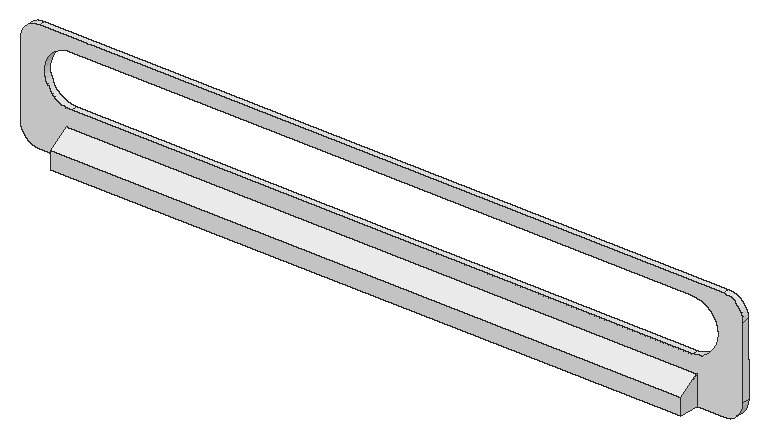
Revit family "Towel-Bar_Contemporary_Lloyd_YB990_TOTO", category Furniture, host Face, Revit 2013
Parameters (values of type "YB990")
  ecoScorecard_data = " "
  ecoScorecard Product Page = "  "
  Width = 2' - 3 9/16"  # constant formula
  Warranty URL = "http://www.totousa.com/warranty-registration"
  Warranty = "Lifetime Limited Warranty (Residential Use), One Year Limited (Commercial Use)"
  URL = "http://www.totousa.com"
  Toto BIM Number = "BM-00034"  # constant formula
  Subcategory = "Accessories"  # constant formula
  Style = "Contemporary"  # constant formula
  Spec Sheet URL = "http://assets.totousa.com/product-files/SS-00009_YB990_YC990_YH990_YP990.pdf"
  Shipping Weight = 4.70 lbf
  Series = "Neorest"  # constant formula
  Product Page URL = " "
  Parts Manual URL = " "
  Owners Manual URL = "  "
  Model = "YB990"  # constant formula
  Manufacturer Toll Free Phone = "1-888-295-8134"  # constant formula
  Manufacturer Phone = "(770) 282-8686"  # constant formula
  Manufacturer Fax = "(770) 282-0002"  # constant formula
  Manufacturer Email = "mailto:custservice@totousa.com "
  Manufacturer Address = "1155 Southern Road, Morrow, Georgia 30260"  # constant formula
  Manufacturer = "TOTO USA, Inc."  # constant formula
  Height = 0' - 1"  # constant formula
  Finish = Metal - TOTO - Chrome - Polished
  Description = "Bath Towel Holder"  # constant formula
  Depth = 0' - 4 1/4"  # constant formula
  Default Elevation = 4' - 0"  # constant formula
  Cost Info = "mailto:custservice@totousa.com "
  Color Availability = "#CP  Polished Chrome"
  CAD Drawing URL = "http://assets.totousa.com/product-files/AD-00093_YB990.dxf"
  Assembly Code = "C1030220"
  95 CSI = "10800"
  04 CSI = "10 28 00"
Reference planes (in)
  plane 1 "Center (Front/Back)": y = 0
  plane 2: z = 0
  plane 3 "Center (Left/Right)": x = 0
  plane 4: x = -13.78125
  plane 5: x = 13.78125
  plane 6: y = 0.25
  plane 7: y = -0.75
  plane 8: z = 4.25
  plane 9: x = -12
  plane 10: x = 12
  plane 11: z = 3.75
  plane 12: z = 1.75
Dimensions and locks (in)
  equal spacing: plane 4, plane 3 "Center (Left/Right)", plane 5
  "Width": plane 4 to plane 5
  equal spacing: plane 9, plane 3 "Center (Left/Right)", plane 10, locked at 12 each
  "Height": plane 6 to plane 7
  locked: plane 1 "Center (Front/Back)" to plane 6 at 0.25
  "Depth": plane 8 to plane 2
  aligned and locked: plane 2 to host face
  aligned and locked: level to host face
  aligned and locked: plane 3 "Center (Left/Right)" to nested 1
  aligned and locked: plane 6 to nested 1
Automatic sketch dimensions
  host sketch curve to host sketch curve = 3' - 1.15455"
  host sketch curve to host sketch curve = 1' - 10.24475"
Nested families (in)
  nested 1: "YB990" at (0, 0, 0), type "YB990"
Definition of nested family "YB990"
  Parameters (values of type "YB990")
    Width = 2' - 3 9/16"  # constant formula
    URL = ""
    Shipping Weight = 4.70 lbf
    Model = "YB990"  # constant formula
    Manufacturer Email = "mailto:custservice@totousa.com "
    Manufacturer = ""
    Height = 0' - 1"  # constant formula
    Finish = Metal - TOTO - Chrome - Polished
    Description = "Bath Towel Holder"  # constant formula
    Depth = 0' - 4 1/4"  # constant formula
    Default Elevation = 4' - 0"  # constant formula
    Assembly Code = ""
  Reference planes (in)
    plane 1 "Center (Front/Back)": y = 0
    plane 2: z = 0
    plane 3 "Center (Left/Right)": x = 0
    plane 4: x = -13.78125
    plane 5: x = 13.78125
    plane 6: y = 0.25
    plane 7: y = -0.75
    plane 8: z = 4.25
    plane 9: x = -12
    plane 10: x = 12
    plane 11: z = 3.75
    plane 12: z = 1.75
  Forms (in)
    Extrusion 1, solid
      sketch origin (0, 0, 0) x (1, 0, 0) y (0, 1, 0)
        loop
          line (-18, 12) -> (-18, -10.24475) -> (19.15455, -10.24475) -> (19.15455, 12) -> (-18, 12)
      from 0 to -2
    Extrusion 2, solid, material "Metal - TOTO - Chrome - Polished" <- "Finish", detail levels medium+fine
      sketch origin (0, 0, 0) x (1, 0, 0) y (0, 0, 1)
        loop
          arc (-13.03125, 4.25) -> (-13.56158, 4.03033) -> (-13.78125, 3.5) r 0.75
          line (-13.78125, 3.5) -> (-13.78125, 0.75)
          arc (-13.78125, 0.75) -> (-13.56158, 0.21967) -> (-13.03125, 0) r 0.75
          line (-13.03125, 0) -> (13.03125, 0)
          arc (13.03125, 0) -> (13.56158, 0.21967) -> (13.78125, 0.75) r 0.75
          line (13.78125, 0.75) -> (13.78125, 3.5)
          arc (13.78125, 3.5) -> (13.56158, 4.03033) -> (13.03125, 4.25) r 0.75
          line (13.03125, 4.25) -> (-13.03125, 4.25)
      from 0 to -0.25
    Extrusion 3, solid, material "Metal - TOTO - Chrome - Polished" <- "Finish", detail levels medium+fine
      sketch origin (0, 0, 0) x (0, 1, 0) y (0, 0, 1)
        loop
          line (0, 0) -> (0, 1.125) -> (-0.75, 0.625) -> (-0.75, 0) -> (0, 0)
      from -12 to 12
    Extrusion 4, void
      sketch origin (0, 0, 0) x (1, 0, 0) y (0, 0, 1)
        loop
          arc (-11.84478, 3.75) -> (-12.84478, 2.75) -> (-11.84478, 1.75) r 1
          line (-11.84478, 1.75) -> (11.8393, 1.75)
          arc (11.8393, 1.75) -> (12.8393, 2.75) -> (11.8393, 3.75) r 1
          line (11.8393, 3.75) -> (-11.84478, 3.75)
      from -0.25 to 0
    Extrusion 5, solid, material "Metal - TOTO - Chrome - Polished" <- "Finish", detail levels coarse
      sketch origin (0, 0, 2.9375) x (0, -1, 0) y (1, 0, 0)
        loop
          line (-0.25, -13.78125) -> (0.75, -13.78125) -> (0.75, 13.78125) -> (-0.25, 13.78125) -> (-0.25, -13.78125)
      from -2.9375 to 1.3125
  Cuts and joins
    Extrusion 4 cuts Extrusion 2
  Lines and regions (in)
    symbolic lines, detail levels medium+fine
      curve 1: line (11.8393, 0, 3.75) -> (-11.84478, 0, 3.75)
      curve 2: line (-11.84478, 0, 1.75) -> (11.8393, 0, 1.75)
      curve 3: arc (11.8393, 0, 1.75) -> (12.8393, 0, 2.75) -> (11.8393, 0, 3.75) r 1
      curve 4: arc (-11.84478, 0, 3.75) -> (-12.84478, 0, 2.75) -> (-11.84478, 0, 1.75) r 1
      curve 6: line (12, 0, 2.9375) -> (12, -0.75, 2.9375)
      curve 7: line (-12, -0.75, 2.9375) -> (-12, 0, 2.9375)
      curve 8: line (-12, 0, 2.9375) -> (-13.78125, 0, 2.9375)
      curve 9: line (13.78125, 0, 2.9375) -> (12, 0, 2.9375)
      curve 10: line (-12, 0, 2.9375) -> (12, 0, 2.9375)
      curve 23: arc (13.03125, 0, 0) -> (13.56158, 0, 0.21967) -> (13.78125, 0, 0.75) r 0.75
      curve 24: arc (13.78125, 0, 3.5) -> (13.56158, 0, 4.03033) -> (13.03125, 0, 4.25) r 0.75
      curve 29: line (-12, 0, 0) -> (-12, 0, 1.125)
      curve 30: line (-12, 0, 1.125) -> (12, 0, 1.125)
      curve 31: line (12, 0, 1.125) -> (12, 0, 0)
      curve 32: line (-12, 0, 0.625) -> (12, 0, 0.625)
      curve 34: line (0, 0, 4.25) -> (0, 0, 0)
      curve 35: line (0, 0, 1.125) -> (0, -0.75, 0.625)
      curve 44: arc (-13.78125, 0, 0.75) -> (-13.56158, 0, 0.21967) -> (-13.03125, 0, 0) r 0.75
      curve 45: arc (-13.03125, 0, 4.25) -> (-13.56158, 0, 4.03033) -> (-13.78125, 0, 3.5) r 0.75
    symbolic lines
      curve 5: line (-13.78125, 0.25, 2.9375) -> (13.78125, 0.25, 2.9375)
      curve 11: line (-13.03125, 0, 4.25) -> (13.03125, 0, 4.25)
      curve 12: line (-13.78125, 0, 0.75) -> (-13.78125, 0, 3.5)
      curve 13: line (13.03125, 0, 0) -> (-13.03125, 0, 0)
      curve 14: line (13.78125, 0, 3.5) -> (13.78125, 0, 0.75)
      curve 26: line (0, 0.25, 0) -> (0, 0.25, 4.25)
      curve 27: line (0, -0.75, 0) -> (0, 0.25, 0)
      curve 33: line (0, 0, 4.25) -> (0, 0.25, 4.25)
      curve 36: line (0, -0.75, 0) -> (0, -0.75, 0.625)
      curve 38: line (12, -0.75, 2.9375) -> (-12, -0.75, 2.9375)
      curve 41: line (-13.78125, 0, 2.9375) -> (-13.78125, 0.25, 2.9375)
      curve 43: line (13.78125, 0, 2.9375) -> (13.78125, 0.25, 2.9375)
    symbolic lines, detail levels coarse
      curve 15: line (13.03125, 0, 0) -> (13.78125, 0, 0)
      curve 16: line (-13.78125, 0, 0) -> (-13.03125, 0, 0)
      curve 17: line (13.78125, 0, 3.5) -> (13.78125, 0, 4.25)
      curve 18: line (13.78125, 0, 0) -> (13.78125, 0, 0.75)
      curve 19: line (-13.78125, 0, 0) -> (-13.78125, 0, 0.75)
      curve 20: line (-13.78125, 0, 3.5) -> (-13.78125, 0, 4.25)
      curve 21: line (-13.78125, 0, 4.25) -> (-13.03125, 0, 4.25)
      curve 22: line (13.78125, 0, 4.25) -> (13.03125, 0, 4.25)
      curve 25: line (0, 0, 4.25) -> (0, -0.75, 4.25)
      curve 28: line (0, -0.75, 4.25) -> (0, -0.75, 0.625)
      curve 37: line (13.78125, 0, 2.9375) -> (13.78125, -0.75, 2.9375)
      curve 39: line (-13.78125, -0.75, 2.9375) -> (-13.78125, 0, 2.9375)
      curve 40: line (-12, -0.75, 2.9375) -> (-13.78125, -0.75, 2.9375)
      curve 42: line (13.78125, -0.75, 2.9375) -> (12, -0.75, 2.9375)
  Dimensions and locks (in)
    equal spacing: plane 4, plane 3 "Center (Left/Right)", plane 5
    "Width": plane 4 to plane 5
    equal spacing: plane 9, plane 3 "Center (Left/Right)", plane 10, locked at 12 each
    Extrusion 3 sketch curve to Extrusion 3 sketch curve to plane 2 = 0' - 0 1/2" locked, 0' - 0 5/8" locked
    "Height": plane 6 to plane 7
    locked: plane 1 "Center (Front/Back)" to plane 6 at 0.25
    "Depth": plane 8 to plane 2
    aligned and locked: plane 2 to Extrusion 1
    aligned and locked: level to Extrusion 1
    aligned and locked: Extrusion 2 sketch curve to plane 5
    aligned and locked: Extrusion 2 sketch curve to plane 8
    aligned and locked: Extrusion 2 sketch curve to plane 4
    aligned and locked: plane 2 to Extrusion 2 sketch curve
    aligned and locked: plane 6 to Extrusion 2
    aligned and locked: Extrusion 3 sketch curve to plane 1 "Center (Front/Back)"
    aligned and locked: plane 7 to Extrusion 3 sketch curve
    aligned and locked: plane 2 to Extrusion 3 sketch curve
    aligned and locked: plane 9 to Extrusion 3
    aligned and locked: plane 10 to Extrusion 3
    aligned and locked: Extrusion 4 sketch curve to plane 11
    aligned and locked: plane 12 to Extrusion 4 sketch curve
    aligned and locked: plane 6 to Extrusion 4
    aligned and locked: plane 1 "Center (Front/Back)" to Extrusion 4
    aligned and locked: curve 3 to cut or joined group of Extrusion 2, Extrusion 4
    aligned and locked: curve 4 to cut or joined group of Extrusion 2, Extrusion 4
  Automatic sketch dimensions
    Extrusion 1 sketch curve to Extrusion 1 sketch curve = 3' - 1.15455"
    Extrusion 1 sketch curve to Extrusion 1 sketch curve = 1' - 10.24475"
    Extrusion 2 sketch curve to plane 4 = 0' - 0 3/4"
    Extrusion 2 sketch curve to plane 8 = 0' - 3 1/2"
    Extrusion 2 sketch curve to plane 5 = 0' - 0 3/4"  (x2)
    Extrusion 4 sketch curve to plane 9 = 0' - 0.15522"
    Extrusion 4 sketch curve to plane 10 = 0' - 0.1607"
    Extrusion 5 sketch curve to plane 5 = 0' - 0"
    Extrusion 5 sketch curve to plane 6 = 0' - 0"
    Extrusion 5 sketch curve to plane 4 = 0' - 0"
    Extrusion 5 sketch curve to plane 7 = 0' - 0"
    plane 4 to curve 19 = 0' - 0"
    curve 11 to plane 8 = 0' - 0"
    plane 9 to curve 29 = 0' - 0"
    curve 30 to plane 10 = 0' - 0"
    curve 23 to plane 5 = 0' - 0"
    curve 31 to level = 0' - 0"
    curve 22 to curve 17 = 0' - 0 3/4"
    curve 13 to curve 15 = 0' - 0 3/4"
    curve 30 to plane 12 = 0' - 0 5/8"
    curve 32 to curve 30 = 0' - 0 1/2"
    curve 36 to level = 0' - 0"
    curve 36 to plane 7 = 0' - 0"
    curve 35 to plane 1 "Center (Front/Back)" = 0' - 0"
    curve 26 to plane 6 = 0' - 0"
    curve 34 to plane 8 = 0' - 0"
    level to curve 35 = 0' - 0 5/8"
    curve 35 to plane 12 = 0' - 0 5/8"
    curve 5 to plane 4 = 0' - 0"
    curve 5 to plane 6 = 0' - 0"
    plane 1 "Center (Front/Back)" to curve 10 = 0' - 0"
    curve 38 to plane 7 = 0' - 0"
    curve 7 to plane 9 = 0' - 0"
    curve 9 to plane 10 = 0' - 0"
    curve 9 to plane 5 = 0' - 0"
    curve 16 to plane 4 = 0' - 0 3/4"
    curve 20 to plane 11 = 0' - 0 1/4"
